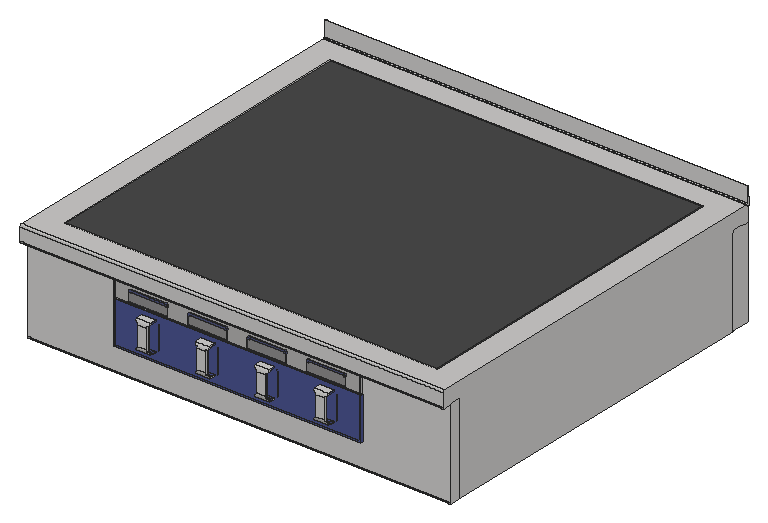
Revit family "QF_ELECTROLUXPROFESSIONAL_589029_MCIDABJOAO", category Specialty Equipment, Revit 2018
Family settings
  Round Connector Dimension = Use Diameter
  Part Type = Normal
  Work Plane-Based = No
  Always vertical = Yes
  Cut with Voids When Loaded = No
  Shared = No
  Room Calculation Point = No
Parameters
  Weight in Pounds = 207.2
  Watts = 20000 VA  # 20000 W
  Volts = 400 V  # constant formula
  URL Cutsheet = ""
  Type Mark [instance] = ""
  Status [instance] = ""
  Specification by User [instance] = ""
  Specification by Manufacturer = ""
  Serial Number = ""
  Seismic Rating = ""
  SMACNA No = ""
  Revision Code [instance] = ""
  Phase = 3  # constant formula
  Omniclass Number and Title = ""
  Number of Poles [instance] = 1
  NAFEM Spec ID Number = ""
  Model = "589029"
  Min Ckt Ampacity = 0 A
  Max Overcurrent Protection = 0 A
  Masterspec = ""
  Manufacturer = "ELECTROLUX"
  Item Number [instance] = ""
  Installed By [instance] = ""
  Identify Quantity as Lot [instance] = yes
  HP = "26.8 HP"
  Furnished By [instance] = ""
  Foodservice Equipment Identifier [instance] = yes
  FL Amps [instance] = if(Phase = 3, Watts / (Volts * 1.73), Watts / Volts)  # 28.9017 A
  Electrical Remarks = "400 V/3N ph/50/60 Hz"  # constant formula
  Electric Connection Type [instance] = ""
  Elec Conn RI Height [instance] = 0 mm
  Elec Conn Connection Height [instance] = 0 mm
  Direct Waste Size = 0"
  Description = "INDUCTION TOP,4 ZONES,1S,BS,1000X900X250"
  Cycle [instance] = if([60 Hertz Option], 60 Hz, 50 Hz)  # 60 Hz
  Conn Plug = ""
  Conn Conduit = yes
  CSI MasterFormat = ""
  CSI Master Format = ""
  Apparent Power [instance] = if(Phase = 3, Volts * FL Amps * 1.73, Volts * FL Amps)  # 20000 VA
  60 Hertz Option [instance] = not([50 Hertz Option])  # yes
  50 Hertz Option [instance] = no
Reference planes
  plane 1 "BACK": y = 0
  plane 2: z = 0
  plane 3 "LEFT": x = 0
  plane 4 "RIGHT": x = 1000
  plane 5 "FRONT": y = -900
  plane 6 "TOP": z = 250
  plane 7: x = 500
  plane 8: y = -450
Forms (mm)
  Extrusion 1, solid, material "QF_Finishes_Stainless Steel"
    sketch origin (0, -487.128, 0) x (0, 1, 0) y (0, 0, 1)
      loop
        line (483.128, 250) -> (-408.872, 250)
        arc (-408.872, 250) -> (-411.7, 248.828) -> (-412.872, 246) r 4
        line (-412.872, 246) -> (-412.872, 214)
        arc (-412.872, 214) -> (-411.443, 210.936) -> (-408.177, 210.061) r 4
        line (-408.177, 210.061) -> (-391.509, 213) -> (-366.872, 213) -> (-366.872, 0) -> (441.128, 0) -> (441.128, 213) -> (465.765, 213) -> (482.433, 210.061)
        arc (482.433, 210.061) -> (485.699, 210.936) -> (487.128, 214) r 4
        line (487.128, 214) -> (487.128, 246)
        arc (487.128, 246) -> (485.956, 248.828) -> (483.128, 250) r 4
    from 0 to 1000
  Extrusion 2, void
    sketch origin (653.786, 44.048, 250) x (1, 0, 0) y (0, -1, 0)
      loop
        line (-593.786, 104.048) -> (286.214, 104.048) -> (286.214, 887.779) -> (-593.786, 887.779) -> (-593.786, 104.048)
    from 0 to 37
  Extrusion 3, solid, material "QF_Finishes_Stainless Steel"
    sketch origin (0, -854, 0) x (1, 0, 0) y (0, -1, 0)
      loop
        circle (955, -169) r 6.35
    from 0 to 3.2
  Extrusion 4, solid, material "QF_Finishes_Black"
    sketch origin (653.786, 44.048, 213) x (1, 0, 0) y (0, 1, 0)
      loop
        line (-593.786, -887.779) -> (286.214, -887.779) -> (286.214, -104.048) -> (-593.786, -104.048) -> (-593.786, -887.779)
    from 0 to 37
  Extrusion 5, solid, material "QF_Finishes_Stainless Steel"
    sketch origin (0, 0, 0) x (0, 1, 0) y (0, 0, 1)
      loop
        line (-2.951, 2) -> (-2.951, 210.133)
        arc (-2.951, 210.133) -> (-3.795, 210.009) -> (-4.646, 210.066) r 4
        line (-4.646, 210.066) -> (-21.287, 213) -> (-45, 213) -> (-45, 0) -> (-4.951, 0)
        arc (-4.951, 0) -> (-3.537, 0.586) -> (-2.951, 2) r 2
      loop
        arc (-1.951, 252.006) -> (-2.537, 250.592) -> (-3.951, 250.006) r 2
        arc (-3.951, 250.006) -> (-1.172, 248.828) -> (0, 246) r 4
        line (0, 246) -> (0, 288.006) -> (-1.951, 288.006) -> (-1.951, 252.006)
    from 1000 to 0
Cuts and joins
  Extrusion 2 cuts Extrusion 1
Lines and regions (mm)
  symbolic lines
    curve 1: line (0, 0, 0) -> (1000, 0, 0)
    curve 2: line (0, -900, 0) -> (0, 0, 0)
    curve 3: line (1000, -900, 0) -> (0, -900, 0)
    curve 4: line (1000, 0, 0) -> (1000, -900, 0)
    curve 5: line (940, -843.73, 0) -> (940, -60, 0)
    curve 6: line (940, -60, 0) -> (60, -60, 0)
    curve 7: line (60, -60, 0) -> (60, -843.73, 0)
    curve 8: line (60, -843.73, 0) -> (940, -843.73, 0)
    curve 9: line (0, -1.951, 0) -> (1000, -1.951, 0)
    curve 10: line (273.641, -902.326, 0) -> (273.641, -900, 0)
    curve 11: spline (279.31, -903.73, 0) -> (278.831, -903.657, 0) -> (278.353, -903.575, 0) -> (277.876, -903.486, 0) -> (277.4, -903.389, 0) -> (276.925, -903.283, 0) -> (276.452, -903.17, 0) -> (275.98, -903.049, 0) -> (275.509, -902.92, 0) -> (275.039, -902.783, 0) -> (274.572, -902.638, 0) -> (274.105, -902.486, 0) -> (273.641, -902.326, 0)
    curve 12: line (305.857, -902.326, 0) -> (305.857, -900, 0)
    curve 13: spline (305.857, -902.326, 0) -> (305.392, -902.486, 0) -> (304.926, -902.638, 0) -> (304.458, -902.783, 0) -> (303.989, -902.92, 0) -> (303.518, -903.049, 0) -> (303.046, -903.17, 0) -> (302.572, -903.283, 0) -> (302.098, -903.389, 0) -> (301.622, -903.486, 0) -> (301.145, -903.575, 0) -> (300.667, -903.657, 0) -> (300.188, -903.73, 0)
    curve 14: line (279.31, -903.73, 0) -> (300.188, -903.73, 0)
    curve 15: line (413.892, -902.326, 0) -> (413.892, -900, 0)
    curve 16: spline (419.561, -903.73, 0) -> (419.082, -903.657, 0) -> (418.604, -903.575, 0) -> (418.127, -903.486, 0) -> (417.651, -903.389, 0) -> (417.177, -903.283, 0) -> (416.703, -903.17, 0) -> (416.231, -903.049, 0) -> (415.76, -902.92, 0) -> (415.29, -902.783, 0) -> (414.823, -902.638, 0) -> (414.357, -902.486, 0) -> (413.892, -902.326, 0)
    curve 17: line (446.108, -902.326, 0) -> (446.108, -900, 0)
    curve 18: spline (446.108, -902.326, 0) -> (445.643, -902.486, 0) -> (445.177, -902.638, 0) -> (444.71, -902.783, 0) -> (444.24, -902.92, 0) -> (443.769, -903.049, 0) -> (443.297, -903.17, 0) -> (442.823, -903.283, 0) -> (442.349, -903.389, 0) -> (441.873, -903.486, 0) -> (441.396, -903.575, 0) -> (440.918, -903.657, 0) -> (440.439, -903.73, 0)
    curve 19: line (419.561, -903.73, 0) -> (440.439, -903.73, 0)
    curve 20: line (726.359, -902.326, 0) -> (726.359, -900, 0)
    curve 21: spline (720.69, -903.73, 0) -> (721.169, -903.657, 0) -> (721.647, -903.575, 0) -> (722.124, -903.486, 0) -> (722.6, -903.389, 0) -> (723.075, -903.283, 0) -> (723.548, -903.17, 0) -> (724.02, -903.049, 0) -> (724.491, -902.92, 0) -> (724.961, -902.783, 0) -> (725.428, -902.638, 0) -> (725.895, -902.486, 0) -> (726.359, -902.326, 0)
    curve 22: line (694.143, -902.326, 0) -> (694.143, -900, 0)
    curve 23: spline (694.143, -902.326, 0) -> (694.608, -902.486, 0) -> (695.074, -902.638, 0) -> (695.542, -902.783, 0) -> (696.011, -902.92, 0) -> (696.482, -903.049, 0) -> (696.954, -903.17, 0) -> (697.428, -903.283, 0) -> (697.902, -903.389, 0) -> (698.378, -903.486, 0) -> (698.855, -903.575, 0) -> (699.333, -903.657, 0) -> (699.812, -903.73, 0)
    curve 24: line (720.69, -903.73, 0) -> (699.812, -903.73, 0)
    curve 25: line (586.108, -902.326, 0) -> (586.108, -900, 0)
    curve 26: spline (580.439, -903.73, 0) -> (580.918, -903.657, 0) -> (581.396, -903.575, 0) -> (581.873, -903.486, 0) -> (582.349, -903.389, 0) -> (582.823, -903.283, 0) -> (583.297, -903.17, 0) -> (583.769, -903.049, 0) -> (584.24, -902.92, 0) -> (584.71, -902.783, 0) -> (585.177, -902.638, 0) -> (585.643, -902.486, 0) -> (586.108, -902.326, 0)
    curve 27: line (553.892, -902.326, 0) -> (553.892, -900, 0)
    curve 28: spline (553.892, -902.326, 0) -> (554.357, -902.486, 0) -> (554.823, -902.638, 0) -> (555.29, -902.783, 0) -> (555.76, -902.92, 0) -> (556.231, -903.049, 0) -> (556.703, -903.17, 0) -> (557.177, -903.283, 0) -> (557.651, -903.389, 0) -> (558.127, -903.486, 0) -> (558.604, -903.575, 0) -> (559.082, -903.657, 0) -> (559.561, -903.73, 0)
    curve 29: line (580.439, -903.73, 0) -> (559.561, -903.73, 0)
Dimensions and locks
  plane 3 "LEFT" to plane 4 "RIGHT" = 1000 mm
  plane 5 "FRONT" to plane 1 "BACK" = 900 mm
  equal spacing: plane 3 "LEFT", plane 7, plane 4 "RIGHT"
  equal spacing: plane 5 "FRONT", plane 8, plane 1 "BACK"
  plane 6 "TOP" to level = 250 mm  (x2)
  plane 1 "BACK" to plane 5 "FRONT" = 900 mm
  Extrusion 3 sketch curve to plane 1 "BACK" = 685 mm
  Extrusion 3 sketch curve to plane 4 "RIGHT" = 45 mm
  aligned and locked: level to plane 2
  aligned and locked: cut or joined group of Extrusion 1, Extrusion 2 to plane 4 "RIGHT"
  aligned and locked: Extrusion 5 to plane 4 "RIGHT"
  aligned and locked: plane 7 to nested 1
Automatic sketch dimensions
  Extrusion 1 sketch curve to plane 5 "FRONT" = 0 mm
  Extrusion 1 sketch curve to plane 6 "TOP" = 0 mm
  Extrusion 1 sketch curve to level = 0 mm
  Extrusion 1 sketch curve to plane 1 "BACK" = 0 mm
  Extrusion 1 sketch curve to plane 6 "TOP" = 37 mm  (x2)
  Extrusion 1 sketch curve to plane 5 "FRONT" = 4 mm
  Extrusion 1 sketch curve to plane 5 "FRONT" = 21.363 mm
  Extrusion 1 sketch curve to plane 5 "FRONT" = 46 mm
  plane 1 "BACK" to Extrusion 1 sketch curve = 21.363 mm
  plane 1 "BACK" to Extrusion 1 sketch curve = 4 mm  (x2)
  Extrusion 1 sketch curve to Extrusion 1 sketch curve = 4 mm
  Extrusion 1 sketch curve to Extrusion 1 sketch curve = 0.695 mm
  Extrusion 1 sketch curve to Extrusion 1 sketch curve = 0 mm  (x4)
  plane 1 "BACK" to Extrusion 1 sketch curve = 4.695 mm
  Extrusion 1 sketch curve to Extrusion 1 sketch curve = 1 mm  (x2)
  plane 1 "BACK" to Extrusion 1 sketch curve = 46 mm
  Extrusion 5 sketch curve to level = 0 mm
  Extrusion 5 sketch curve to plane 1 "BACK" = 0 mm  (x2)
  level to Extrusion 5 sketch curve = 2 mm
  Extrusion 5 sketch curve to plane 6 "TOP" = 0 mm
  plane 1 "BACK" to Extrusion 5 sketch curve = 1.951 mm
  plane 1 "BACK" to Extrusion 5 sketch curve = 2.951 mm
  Extrusion 5 sketch curve to Extrusion 5 sketch curve = 18.335 mm
  Extrusion 5 sketch curve to Extrusion 5 sketch curve = 40.049 mm
  Extrusion 5 sketch curve to Extrusion 5 sketch curve = 1.695 mm
  Extrusion 5 sketch curve to Extrusion 5 sketch curve = 0 mm  (x3)
  plane 1 "BACK" to Extrusion 5 sketch curve = 4 mm
  plane 1 "BACK" to Extrusion 5 sketch curve = 3.951 mm
  Extrusion 5 sketch curve to Extrusion 5 sketch curve = 2 mm
  Extrusion 5 sketch curve to Extrusion 5 sketch curve = 35.867 mm
  Extrusion 5 sketch curve to plane 6 "TOP" = 37 mm
  plane 6 "TOP" to Extrusion 5 sketch curve = 2.006 mm
  Extrusion 5 sketch curve to Extrusion 5 sketch curve = 36 mm
  Extrusion 5 sketch curve to Extrusion 5 sketch curve = 0.066 mm
  plane 1 "BACK" to curve 1 = 0 mm
  curve 1 to plane 4 "RIGHT" = 0 mm
  curve 2 to plane 3 "LEFT" = 0 mm
  plane 5 "FRONT" to curve 3 = 0 mm
  plane 4 "RIGHT" to curve 5 = 60 mm
  plane 5 "FRONT" to curve 20 = 2.326 mm
  curve 5 to curve 20 = 213.641 mm
  plane 5 "FRONT" to curve 24 = 3.73 mm
  curve 20 to curve 24 = 5.669 mm
  curve 21 to curve 24 = 20.878 mm
  plane 5 "FRONT" to curve 22 = 2.326 mm
  curve 24 to curve 22 = 5.669 mm
  plane 5 "FRONT" to curve 25 = 2.326 mm
  plane 7 to curve 25 = 86.108 mm
  plane 5 "FRONT" to curve 29 = 3.73 mm
  curve 25 to curve 29 = 5.669 mm
  curve 26 to curve 29 = 20.878 mm
  plane 5 "FRONT" to curve 27 = 2.326 mm
  curve 28 to curve 27 = 5.669 mm
  plane 5 "FRONT" to curve 17 = 2.326 mm
  curve 17 to plane 7 = 53.892 mm
  plane 5 "FRONT" to curve 19 = 3.73 mm
  curve 17 to curve 19 = 5.669 mm
  curve 19 to curve 19 = 20.878 mm
  plane 5 "FRONT" to curve 15 = 2.326 mm
  curve 16 to curve 15 = 5.669 mm
  plane 5 "FRONT" to curve 12 = 2.326 mm
  curve 15 to curve 12 = 108.035 mm
  plane 5 "FRONT" to curve 14 = 3.73 mm
  curve 12 to curve 14 = 5.669 mm
  curve 13 to curve 14 = 20.878 mm
  plane 5 "FRONT" to curve 10 = 2.326 mm
  curve 11 to curve 10 = 5.669 mm
  plane 3 "LEFT" to curve 7 = 60 mm
  curve 20 to curve 21 = 9.839 mm
  curve 21 to curve 23 = 12.538 mm
  plane 5 "FRONT" to curve 26 = 4.032 mm
  curve 26 to curve 26 = 4.17 mm
  curve 26 to curve 28 = 12.538 mm
  plane 5 "FRONT" to curve 18 = 4.032 mm
  curve 19 to curve 18 = 4.17 mm
  plane 5 "FRONT" to curve 16 = 4.032 mm
  curve 16 to curve 16 = 4.17 mm
  curve 12 to curve 13 = 9.839 mm
  plane 5 "FRONT" to curve 11 = 4.032 mm
  curve 11 to curve 14 = 4.17 mm
  plane 1 "BACK" to curve 6 = 60 mm
  curve 5 to plane 5 "FRONT" = 56.27 mm
  plane 1 "BACK" to curve 9 = 1.951 mm
  curve 11 to curve 13 = 0 mm
  curve 23 to plane 5 "FRONT" = 39.101 mm
  curve 28 to curve 26 = 0 mm
  curve 23 to curve 21 = 0 mm
  Extrusion 1 to Extrusion 2 sketch curve = 60 mm  (x2)
  Extrusion 1 to Extrusion 2 sketch curve = 52.27 mm
  Extrusion 1 to Extrusion 2 sketch curve = 56 mm
  Extrusion 4 sketch curve to Extrusion 2 = 0 mm  (x3)
  Extrusion 2 to Extrusion 4 sketch curve = 0 mm
  radius of Extrusion 3 sketch curve = 6.35 mm
Nested families
  nested 1: "IDT_900_1000 Front Panel fOUR cONTROLS" at (-100, -854, -650), type "IDT_900_1000 Front Panel fOUR cONTROLS"
Connectors
  electrical at (955, -685, -3.2), driven by "Volts", driven by "Watts"
    settings: on Extrusion 3, index 1, voltage 400 V, apparent load 20000 VA, apparent load phase1 0 VA, apparent load phase2 0 VA, apparent load phase3 0 VA, power factor 1, load classification "Other", number of poles 1, system type 30, power factor state 1, is connector primary yes, connector utility no, sub classification motor no, connector description "ELECTRICAL CONNECTION"
Definition of nested family "IDT_900_1000 Front Panel fOUR cONTROLS"
  Parameters
    Keynote = ""
  Reference planes
    plane 1 "Center (Front/Back)": y = 0
    plane 2: z = 0
    plane 3 "Center (Left/Right)": x = 100
    plane 4: x = 600
    plane 5: x = 389.749
    plane 6: x = 530
    plane 7: x = 670.079
    plane 8: x = 809.948
  Forms (mm)
    Extrusion 1, void
      sketch origin (1213.217, 829.203, -1.25) x (1, 0, 0) y (0, 0, 1)
        loop
          line (-321.217, 853.25) -> (-905.217, 853.25) -> (-905.217, 711.25) -> (-321.217, 711.25) -> (-321.217, 853.25)
      from 843.409 to 854.203
    Extrusion 2, solid
      sketch origin (1133.217, 829.203, -1.25) x (0, 1, 0) y (0, 0, 1)
        loop
          arc (-854.203, 654.25) -> (-853.324, 652.129) -> (-851.203, 651.25) r 3
          line (-851.203, 651.25) -> (-829.203, 651.25) -> (-829.203, 864.25) -> (-854.203, 864.25) -> (-854.203, 654.25)
      from -1033.217 to -33.217
  Nested families
    nested 1: "1200 Glass Panel with Four Reads" at (308, -30, 5.811), type "1200 Glass Panel with Four Reads"
    nested 2: "Sml  Range Control Handle" at (389.749, -26.645, -204.867), type "Sml  Range Control Handle"
    nested 3: "Sml  Range Control Handle" at (529.638, -26.645, -204.867), type "Sml  Range Control Handle"
    nested 4: "Sml  Range Control Handle" at (670.079, -26.645, -204.867), type "Sml  Range Control Handle"
    nested 5: "Sml  Range Control Handle" at (810.079, -26.645, -204.867), type "Sml  Range Control Handle"
  Definition of nested family "1200 Glass Panel with Four Reads"
    Reference planes
      plane 1 "Center (Front/Back)": y = 0
      plane 2: z = 0
      plane 3 "Center (Left/Right)": x = 0
      plane 4: x = 584
      plane 5: x = 581.091
      plane 6 "Top": z = 846.189
      plane 7 "Center": x = 292
    Forms (mm)
      Extrusion 1, solid
        sketch origin (550.286, 304.8, -4.308) x (1, 0, 0) y (0, 0, 1)
          loop
            line (-550.286, 806.791) -> (-550.286, 708.497) -> (33.714, 708.497) -> (33.714, 806.791) -> (-550.286, 806.791)
        from 300.031 to 304.8
      Extrusion 2, solid
        sketch origin (550.286, 304.8, -4.308) x (1, 0, 0) y (0, 0, 1)
          loop
            line (-550.286, 850.497) -> (-550.286, 806.791) -> (33.714, 806.791) -> (33.714, 850.497) -> (-550.286, 850.497)
        from 300.031 to 304.8
      Extrusion 3, void
        sketch origin (550.286, 304.8, -4.308) x (1, 0, 0) y (0, 0, 1)
          loop
            line (-547.628, 847.565) -> (-547.628, 710.699) -> (30.804, 710.699) -> (30.804, 847.565) -> (-547.628, 847.565)
        from 303.697 to 304.8
      Extrusion 4, solid, not visible
        sketch origin (550.286, 305.901, -4.308) x (1, 0, 0) y (0, 0, 1)
          loop
            line (-153.041, 812.62) -> (-153.041, 834.177) -> (-157.775, 834.177) -> (-159.574, 835.977) -> (-238.324, 835.977) -> (-240.124, 834.177) -> (-245.041, 834.177) -> (-245.041, 812.62) -> (-153.041, 812.62)
        from 304.798 to 306.745
      Extrusion 5, solid, not visible
        sketch origin (550.286, 305.901, -4.308) x (1, 0, 0) y (0, 0, 1)
          loop
            line (-240.027, 834.177) -> (-238.227, 835.977) -> (-159.594, 835.977) -> (-157.794, 834.177) -> (-153.083, 834.177)
            arc (-153.083, 834.177) -> (-154.26, 838.752) -> (-158.535, 840.763) r 5.549
            line (-158.535, 840.763) -> (-239.444, 840.763)
            arc (-239.444, 840.763) -> (-243.699, 838.747) -> (-244.835, 834.177) r 5.5
            line (-244.835, 834.177) -> (-240.027, 834.177)
        from 304.798 to 306.745
      Extrusion 6, solid
        sketch origin (700.989, 305.901, -4.308) x (1, 0, 0) y (0, 0, 1)
          loop
            line (-153.041, 812.62) -> (-153.041, 834.177) -> (-157.775, 834.177) -> (-159.574, 835.977) -> (-238.324, 835.977) -> (-240.124, 834.177) -> (-245.041, 834.177) -> (-245.041, 812.62) -> (-153.041, 812.62)
        from 304.798 to 306.745
      Extrusion 7, solid
        sketch origin (700.989, 305.901, -4.308) x (1, 0, 0) y (0, 0, 1)
          loop
            line (-240.027, 834.177) -> (-238.227, 835.977) -> (-159.594, 835.977) -> (-157.794, 834.177) -> (-153.083, 834.177)
            arc (-153.083, 834.177) -> (-154.26, 838.752) -> (-158.535, 840.763) r 5.549
            line (-158.535, 840.763) -> (-239.444, 840.763)
            arc (-239.444, 840.763) -> (-243.699, 838.747) -> (-244.835, 834.177) r 5.5
            line (-244.835, 834.177) -> (-240.027, 834.177)
        from 304.798 to 306.745
      Extrusion 8, solid
        sketch origin (560.989, 305.901, -4.308) x (1, 0, 0) y (0, 0, 1)
          loop
            line (-153.041, 812.62) -> (-153.041, 834.177) -> (-157.775, 834.177) -> (-159.574, 835.977) -> (-238.324, 835.977) -> (-240.124, 834.177) -> (-245.041, 834.177) -> (-245.041, 812.62) -> (-153.041, 812.62)
        from 304.798 to 306.745
      Extrusion 9, solid
        sketch origin (560.989, 305.901, -4.308) x (1, 0, 0) y (0, 0, 1)
          loop
            line (-240.027, 834.177) -> (-238.227, 835.977) -> (-159.594, 835.977) -> (-157.794, 834.177) -> (-153.083, 834.177)
            arc (-153.083, 834.177) -> (-154.26, 838.752) -> (-158.535, 840.763) r 5.549
            line (-158.535, 840.763) -> (-239.444, 840.763)
            arc (-239.444, 840.763) -> (-243.699, 838.747) -> (-244.835, 834.177) r 5.5
            line (-244.835, 834.177) -> (-240.027, 834.177)
        from 304.798 to 306.745
      Extrusion 10, solid
        sketch origin (700.989, 305.901, -4.308) x (1, 0, 0) y (0, 0, 1)
          loop
            line (-665.188, 812.62) -> (-573.188, 812.62) -> (-573.188, 834.177) -> (-578.105, 834.177) -> (-579.905, 835.977) -> (-658.655, 835.977) -> (-660.455, 834.177) -> (-665.188, 834.177) -> (-665.188, 812.62)
        from 304.798 to 306.745
      Extrusion 11, solid
        sketch origin (700.989, 305.901, -4.308) x (1, 0, 0) y (0, 0, 1)
          loop
            line (-578.203, 834.177) -> (-573.394, 834.177)
            arc (-573.394, 834.177) -> (-574.53, 838.747) -> (-578.786, 840.763) r 5.5
            line (-578.786, 840.763) -> (-659.695, 840.763)
            arc (-659.695, 840.763) -> (-663.97, 838.752) -> (-665.146, 834.177) r 5.549
            line (-665.146, 834.177) -> (-660.435, 834.177) -> (-658.636, 835.977) -> (-580.003, 835.977) -> (-578.203, 834.177)
        from 304.798 to 306.745
      Extrusion 12, solid
        sketch origin (560.989, 305.901, -4.308) x (1, 0, 0) y (0, 0, 1)
          loop
            line (-385.188, 812.62) -> (-293.188, 812.62) -> (-293.188, 834.177) -> (-298.105, 834.177) -> (-299.905, 835.977) -> (-378.655, 835.977) -> (-380.455, 834.177) -> (-385.188, 834.177) -> (-385.188, 812.62)
        from 304.798 to 306.745
      Extrusion 13, solid
        sketch origin (560.989, 305.901, -4.308) x (1, 0, 0) y (0, 0, 1)
          loop
            line (-298.203, 834.177) -> (-293.394, 834.177)
            arc (-293.394, 834.177) -> (-294.53, 838.747) -> (-298.786, 840.763) r 5.5
            line (-298.786, 840.763) -> (-379.695, 840.763)
            arc (-379.695, 840.763) -> (-383.97, 838.752) -> (-385.146, 834.177) r 5.549
            line (-385.146, 834.177) -> (-380.435, 834.177) -> (-378.636, 835.977) -> (-300.003, 835.977) -> (-298.203, 834.177)
        from 304.798 to 306.745
    Cuts and joins
      Extrusion 3 cuts Extrusion 1
      Extrusion 3 cuts Extrusion 2
    Lines and regions (mm)
      symbolic lines
        curve 1: line (0, 4.769, 0) -> (584, 4.769, 0)
    Dimensions and locks
      aligned and locked: Extrusion 1 to Extrusion 2
      aligned and locked: Extrusion 6 to Extrusion 7
      aligned and locked: Extrusion 8 to Extrusion 9
      aligned and locked: Extrusion 10 to Extrusion 11
      aligned and locked: Extrusion 12 to Extrusion 13
  Definition of nested family "Sml  Range Control Handle"
    Reference planes
      plane 1 "Center (Front/Back)": y = 0
      plane 2: z = 0
      plane 3 "Center (Left/Right)": x = 0
      plane 4: z = 971.092
    Forms (mm)
      Extrusion 1, solid
        sketch origin (-746.28, 380.497, 208.931) x (-1, 0, 0) y (0, 0, 1)
          loop
            line (-770.101, 786.798) -> (-770.101, 731.649)
            arc (-770.101, 731.649) -> (-769.759, 730.563) -> (-768.855, 729.87) r 1.893
            line (-768.855, 729.87) -> (-763.474, 727.911) -> (-729.81, 727.911) -> (-724.428, 729.87)
            arc (-724.428, 729.87) -> (-723.525, 730.563) -> (-723.183, 731.649) r 1.893
            line (-723.183, 731.649) -> (-723.183, 786.798)
            arc (-723.183, 786.798) -> (-723.529, 787.894) -> (-724.44, 788.593) r 1.91
            line (-724.44, 788.593) -> (-729.683, 790.819) -> (-763.601, 790.819) -> (-768.844, 788.593)
            arc (-768.844, 788.593) -> (-769.755, 787.894) -> (-770.101, 786.798) r 1.91
        from -382.35 to -378.852
      Sweep 2, solid
        path origin (-746.788, 380.496, 208.091) x (0, -1, 0) y (0, 0, 1)
          loop
            line (379.775, 793.281) -> (395.661, 791.048)
            arc (395.661, 791.048) -> (397.781, 787.377) -> (398.517, 783.202) r 12.207
            line (398.517, 783.202) -> (398.517, 737.368)
            arc (398.517, 737.368) -> (397.781, 733.193) -> (395.661, 729.522) r 12.207
            line (395.661, 729.522) -> (379.775, 727.289)
        profile origin (-746.788, -7.222, 1000.256) x (0, -0.139173, 0.990268) y (-1, 0, 0)
          loop
            line (0.782, -763.123) -> (0.782, -730.907) -> (-1.322, -730.907) -> (-1.322, -763.123) -> (0.782, -763.123)
      Sweep 3, solid
        path origin (-746.788, 380.715, 207.832) x (0, -1, 0) y (0, 0, 1)
          loop
            line (380.478, 795.442) -> (397.218, 793.09)
            arc (397.218, 793.09) -> (399.929, 788.473) -> (400.871, 783.202) r 15.207
            line (400.871, 783.202) -> (400.871, 737.584)
            arc (400.871, 737.584) -> (399.914, 732.274) -> (397.164, 727.633) r 15.207
            line (397.164, 727.633) -> (380.601, 725.305)
        profile origin (-746.788, -8.132, 1002.099) x (0, -0.139173, 0.990268) y (-1, 0, 0)
          loop
            line (0.782, -763.123) -> (0.782, -730.907) -> (-1.322, -730.907) -> (-1.322, -763.123) -> (0.782, -763.123)
      Extrusion 4, void
        sketch origin (889.253, 220.666, 207.993) x (1, 0, 0) y (0, 0, 1)
          loop
            line (-943.038, 816.854) -> (-943.038, 703.686) -> (-899.466, 734.196) -> (-899.466, 786.344) -> (-943.038, 816.854)
        from 230.636 to 242.25
      Extrusion 5, void
        sketch origin (-888.8, 220.666, 207.993) x (-1, 0, 0) y (0, 0, -1)
          loop
            line (-943.038, -816.854) -> (-899.466, -786.344) -> (-899.466, -734.196) -> (-943.038, -703.686) -> (-943.038, -816.854)
        from 230.636 to 242.25
      Extrusion 6, solid
        sketch origin (0, 0, 0) x (1, 0, 0) y (0, 0, 1)
          loop
            circle (0, 971.092) r 7.736
        from -3.137 to -1.645
    Cuts and joins
      Extrusion 4, Extrusion 5 cuts Sweep 3
      Extrusion 4, Extrusion 5 cuts Sweep 2
      joined: Extrusion 1, Extrusion 6
    Lines and regions (mm)
      symbolic lines
        curve 1: line (23.821, 1.645, 0) -> (-23.097, 1.645, 0)
        curve 2: line (16.334, -1.853, 0) -> (23.821, -1.853, 0)
        curve 3: line (-15.881, -19.189, 0) -> (-15.881, -1.853, 0)
        curve 4: line (-23.097, -1.853, 0) -> (-15.881, -1.853, 0)
        curve 5: line (16.334, -19.189, 0) -> (16.334, -1.853, 0)
        curve 6: spline (-15.881, -19.189, 0) -> (-15.417, -19.349, 0) -> (-14.951, -19.501, 0) -> (-14.483, -19.646, 0) -> (-14.014, -19.783, 0) -> (-13.543, -19.912, 0) -> (-13.071, -20.033, 0) -> (-12.597, -20.146, 0) -> (-12.122, -20.251, 0) -> (-11.646, -20.349, 0) -> (-11.169, -20.438, 0) -> (-10.691, -20.52, 0) -> (-10.213, -20.593, 0)
        curve 7: spline (10.666, -20.593, 0) -> (11.144, -20.52, 0) -> (11.622, -20.438, 0) -> (12.099, -20.349, 0) -> (12.575, -20.251, 0) -> (13.05, -20.146, 0) -> (13.524, -20.033, 0) -> (13.996, -19.912, 0) -> (14.467, -19.783, 0) -> (14.936, -19.646, 0) -> (15.404, -19.501, 0) -> (15.87, -19.349, 0) -> (16.334, -19.189, 0)
        curve 8: line (-10.213, -20.938, 0) -> (10.716, -20.938, 0)
        curve 9: line (-23.097, 1.645, 0) -> (-23.097, -1.853, 0)
        curve 10: line (23.821, 1.645, 0) -> (23.821, -1.853, 0)
    Dimensions and locks
      cut or joined group of Sweep 3, Extrusion 4, Extrusion 5 to cut or joined group of Sweep 3, Extrusion 4, Extrusion 5 = 71.686 mm
